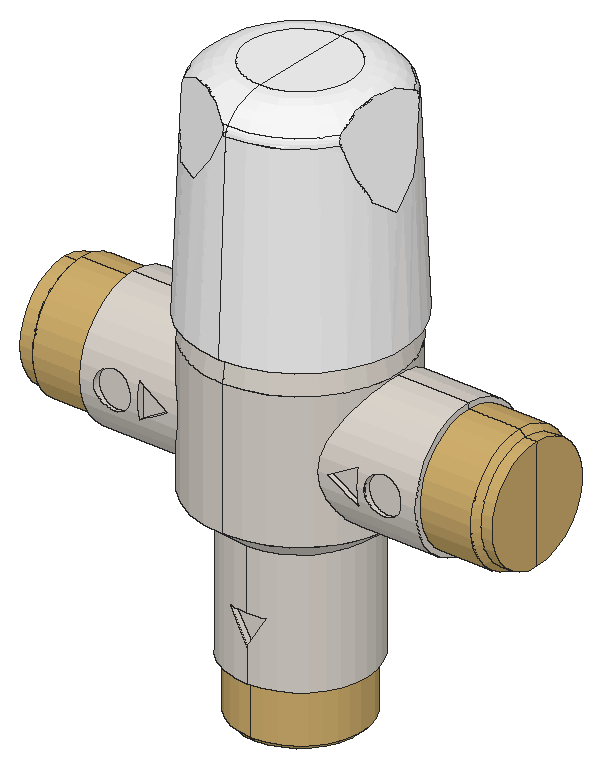
Revit family "PRE030048-FR", category Generic Models, Revit 2015
Parameters
  URL = "http://www.prestodatashare.com/centretelechargement/index.php?lang=FR&refs=29002"
  Référence = "29002"
  Raccordement = "G3/4\""
  Profondeur = "112 mm"
  Pression = "2 à 5 bars"
  Polantis code = "PRE030048"
  Manufacturer URL = "http://www.prestodatashare.com/centretelechargement/index.php?lang=FR&refs=29002"
  Lien notice d'utilisation = "http://www.prestodatashare.com/centretelechargement/liste_pieces_detachees_boot.php?lang=FR&ref=29002"
  Lien fiche produit = "http://www.prestodatashare.com/espacedoc/Fiches_Techniques/FR/29002.pdf"
  Lien CCTP = "http://www.prestodatashare.com/centretelechargement/index.php?lang=FR&refs=29002"
  Largeur = "58 mm"
  Hauteur = "92 mm\r\nLargeur"
  Garantie = "3 ans"
  Fonction = "Avec butée de température interne et entrées latérales 3/4\" (20x27)"
  Finition 1 = none
  Finition = "Corps en laiton"
  Fabricant = "LES ROBINETS PRESTO S.A."
  Débit = "\"Débit d'eau mitigée minimum : 5L/Mn\nDébit d'eau mitigée à 3 bar : 57L/Mn\""
  Description = "Régulateur thermostatique de sécurité 3/4\" avec butée de température"
  Company = "PRESTO"
  Adresse = "7, RUE RACINE - 92542 MONTROUGE CEDEX FRANCE"
Reference planes
  plane 1 "Center (Front/Back)": y = 0
  plane 2: z = 0
  plane 3 "Center (Left/Right)": x = 0
Forms (mm)
  Revolve 1, solid, material "GrayElement"
    sketch origin (0.45, 0, 0) x (0, 1, 0) y (0, 0, 1)
      loop
        line (10.85, 125.499) -> (0, 125.499) -> (0, 0) -> (12.158, 0) -> (13.2, 0.971) -> (13.2, 12) -> (14.459, 12) -> (14.459, 38.5) -> (20.847, 43.5) -> (20.847, 72.5) -> (19.961, 77.5) -> (21.84, 77.5) -> (20.024, 119.629)
        arc (20.024, 119.629) -> (19.834, 120.532) -> (19.382, 121.337) r 3.048
        arc (19.382, 121.337) -> (15.596, 124.403) -> (10.85, 125.499) r 10.828
      axis (0, 125.499) -> (0, 0)
    angle from 0 to 360
  Revolve 2, solid, material "GrayElement"
    sketch origin (0, 0, 0) x (1, 0, 0) y (0, 0, 1)
      loop
        line (-50.135, 70.033) -> (-50.135, 58.03) -> (51.265, 58.03) -> (51.265, 70.033) -> (48.732, 70.033) -> (47.565, 71.2) -> (36.565, 71.2) -> (36.565, 72.338) -> (-35.435, 72.338) -> (-35.435, 71.2) -> (-46.435, 71.2) -> (-47.435, 70.033) -> (-50.135, 70.033)
      axis (-50.135, 58.03) -> (51.265, 58.03)
    angle from 0 to 360
  Sweep 3, void
    path origin (0, 0, 0) x (0, 1, 0) y (0, 0, 1)
      loop
        line (-13, 58) -> (-16.424, 58)
    profile origin (0, -14.712, 58) x (0, 0, -1) y (1, 0, 0)
      loop
        circle (0, -28.435) r 4
      loop
        circle (0, 29.565) r 4
      loop
        line (-3.762, 24.1) -> (0, 17.584) -> (3.762, 24.1) -> (-3.762, 24.1)
      loop
        line (-3.762, -22.97) -> (3.762, -22.97) -> (0, -16.454) -> (-3.762, -22.97)
  Sweep 4, void
    path origin (0, 0, 0) x (0, 1, 0) y (0, 0, 1)
      loop
        line (-13, 21.972) -> (-15.241, 21.972)
    profile origin (0, -14.121, 21.972) x (0, 0, -1) y (1, 0, 0)
      loop
        line (-3.597, 4.327) -> (-3.597, -3.197) -> (2.919, 0.565) -> (-3.597, 4.327)
  Sweep 5, void
    path origin (30.441, 0, -0.904) x (0.97455, 0, 0.224172) y (0, 1, 0)
      loop
        line (14.382, 0) -> (24.382, 0)
    profile origin (49.33, 0, 3.441) x (0, 1, 0) y (-0.224172, 0, 0.97455)
      loop
        arc (4.228, 105.712) -> (9.791, 116.272) -> (11.585, 128.072) r 35.897
        line (11.585, 128.072) -> (-11.614, 128.072)
        arc (-11.614, 128.072) -> (-9.797, 116.289) -> (-4.296, 105.712) r 36.664
        arc (-4.296, 105.712) -> (-0.034, 103.189) -> (4.228, 105.712) r 4.862
  Sweep 6, void
    path origin (-15.22, 26.363, -0.904) x (-0.487275, 0.843985, 0.224172) y (-0.866025, -0.5, 0)
      loop
        line (14.382, 0) -> (24.382, 0)
    profile origin (-24.665, 42.721, 3.441) x (-0.866025, -0.5, 0) y (0.112086, -0.194138, 0.97455)
      loop
        arc (-4.228, 105.712) -> (0.034, 103.189) -> (4.296, 105.712) r 4.862
        arc (4.296, 105.712) -> (9.797, 116.289) -> (11.614, 128.072) r 36.664
        line (11.614, 128.072) -> (-11.585, 128.072)
        arc (-11.585, 128.072) -> (-9.791, 116.272) -> (-4.228, 105.712) r 35.897
  Sweep 7, void
    path origin (-15.22, -26.363, -0.904) x (-0.487275, -0.843985, 0.224172) y (0.866025, -0.5, 0)
      loop
        line (14.382, 0) -> (24.382, 0)
    profile origin (-24.665, -42.721, 3.441) x (0.866025, -0.5, 0) y (0.112086, 0.194138, 0.97455)
      loop
        arc (-4.228, 105.712) -> (0.034, 103.189) -> (4.296, 105.712) r 4.862
        arc (4.296, 105.712) -> (9.797, 116.289) -> (11.614, 128.072) r 36.664
        line (11.614, 128.072) -> (-11.585, 128.072)
        arc (-11.585, 128.072) -> (-9.791, 116.272) -> (-4.228, 105.712) r 35.897
Cuts and joins
  Sweep 3 cuts Revolve 2
  Sweep 4, Sweep 5, Sweep 6, Sweep 7 cuts Revolve 1
